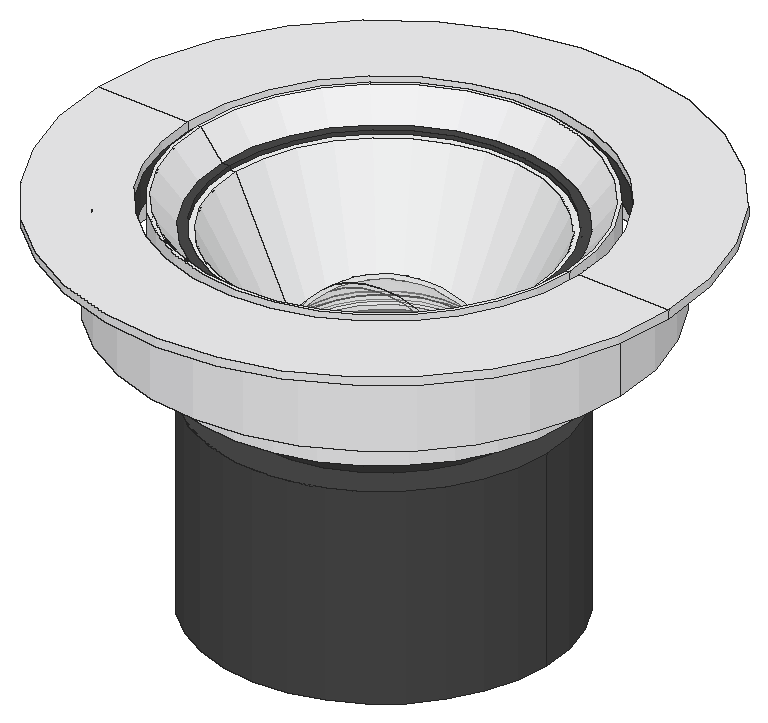
Revit family "2070035", category Lighting Fixtures, host Face, Revit 2018
Family settings
  Host = Face
  Round Connector Dimension = Use Diameter
  Part Type = Normal
  OmniClass Number = 23.80.70.11.17
  OmniClass Title = Specialized Lighting by Location or Use
  Cut with Voids When Loaded = No
  Light Source = No
  Shared = No
  Room Calculation Point = No
Parameters (values of type "2070035 EXPOSPOT 90 ADJ HE RA90 3000K NB WHITE")
  Weight = 0.77 kg  # constant formula
  Total Power Consumption = 27.9994 W
  Reflector Material = Aluminum_Sylvania_Expospot_Polished
  Radius = Diameter / 2  # 75.0 mm
  Product Code = "0060262"
  Photometric Web File = IES_Expospot_90_Adjustable : 0060267
  Photobiological Risk Group = "RG1"  # constant formula
  Nominal Frequency = "50/60Hz"  # constant formula
  Mounting Outer Radius = Head Radius + 3.0 mm  # 52.0 mm
  Max. Luminaires per 20A C Breaker = "45"  # constant formula
  Max. Luminaires per 20A B Breaker = "27"  # constant formula
  Max. Luminaires per 16A C Breaker = "35"  # constant formula
  Max. Luminaires per 16A B Breaker = "21"  # constant formula
  Max. Luminaires per 13A C Breaker = "28"  # constant formula
  Max. Luminaires per 13A B Breaker = "17"  # constant formula
  Max. Luminaires per 10A C Breaker = "21"  # constant formula
  Max. Luminaires per 10A B Breaker = "13"  # constant formula
  Light Loss Factor = 1  # constant formula
  Lamp Power Factor = 0.92
  LOR = "100%"  # constant formula
  Keynote = "n/a"
  Inrush Duration = "250µs"  # constant formula
  Inrush Current = 19.4 A  # constant formula
  Initial Intensity = 3126 lm
  Initial Color = 3000 K
  IP Rating = "IP20"  # constant formula
  IK Rating = "IK02"  # constant formula
  Height = 103.0 mm  # constant formula
  Voltage Comments = "220-240V~"  # constant formula
  Voltage = 240 V  # constant formula
  URL = "0.92"
  Product Page URL = "http://www.sylvania-lighting.com/product/en-int/products/0060262"
  Product Family = "EXPOSPOT 90 ADJUSTABLE"  # constant formula
  Head Radius = Radius - 26.0 mm  # 49.0 mm
  Head Diameter = Head Radius * 2  # 98.0 mm
  Head Angle [instance] = 0°
  Glow Wire Test = 850 °C  # constant formula
  Electrical Protection = "Class II"  # constant formula
  Drive Current = "700mA"  # constant formula
  Dimmable = "N"  # constant formula
  Diffuser Material = Acrylic_Sylvania_Expospot_3000K
  Diameter = 150.0 mm  # constant formula
  Cutout Diameter = Diameter - 10.0 mm  # 140.0 mm
  Created by URL = "http://all1studio.com/"
  Created by = "All 1 Studio Ltd. "  # constant formula
  Control Gear Type = "Electronic"  # constant formula
  Control Gear Required = "No"  # constant formula
  Control Gear Mounting = "Remote"  # constant formula
  Colour Variation Initial = "3SDCM"  # constant formula
  built-in parameter 1114216 [instance] = 1 (stored number, unit not read)
  Model = "EXPOSPOT 90 ADJUSTABLE HE RA90 3000K NB WHITE"
  Manufacturer = "Feilo Sylvania"  # constant formula
  Lamp = "LED"  # constant formula
  CRI = "80Ra"
  Body Material = Aluminum_Sylvania_Expospot_White
  Description = "Specifically designed for Retail and Display applications. I.e. Supermarkets Fashion Retail Department stores. Build around a 90mm reflector and lens combination."  # constant formula
  Default Elevation = 0.0 mm
  built-in parameter 1140040 [instance] = 1
  Beam Angle = 47°
  Average Life = "50 000h"  # constant formula
  Assembly Code = "D5020200"
  Apparent Load Comments = ""
  Apparent Load = 28 VA
  Body Secondary Material = Plastic_Sylvania_Expospot_Black
Reference planes
  plane 1 "Center (Front/Back)": y = 0
  plane 2: z = 0
  plane 3 "Center (Left/Right)": x = -7.423
  plane 4: z = 2
  plane 5: z = -22.5
  plane 6: x = -82.423
  plane 7: z = -5
Forms (mm)
  Revolve 1, solid, material "Aluminum_Sylvania_Expospot_White" <- "Body Material", detail levels fine
    sketch origin (0, 0, 0) x (1, 0, 0) y (0, 0, 1)
      loop
        line (-82.423, 2) -> (-82.423, 0) -> (-69.923, 0) -> (-69.923, -22.5) -> (-67.923, -22.5) -> (-67.923, 0) -> (-58.923, 0) -> (-58.923, 2) -> (-82.423, 2)
      axis (-7.423, 2) -> (-7.423, -22.5)
    angle from 0 to 360
  Revolve 2, solid, material "Plastic_Sylvania_Expospot_Black" <- "Body Secondary Material", detail levels fine
    sketch origin (0, 0, 0) x (1, 0, 0) y (0, 0, 1)
      loop
        line (-67.923, 0) -> (-67.923, -1.5) -> (-60.923, -1.5) -> (-60.923, -8.5) -> (-59.423, -8.5) -> (-59.423, 0) -> (-67.923, 0)
      axis (-7.423, 0) -> (-7.423, -8.5)
    angle from 0 to 360
  Extrusion 3, void
    sketch origin (0, 0, 0) x (1, 0, 0) y (0, 1, 0)
      loop
        circle (-7.423, 0) r 70
    from -116.997 to 69.443
  Extrusion 4, solid, material "Aluminum_Sylvania_Expospot_White" <- "Body Material", detail levels fine
    sketch origin (-7.423, 0, 0) x (0, 1, 0) y (0, 0, 1)
      loop
        circle (0, -5) r 3.5
    from 49 <- "Head Radius" to 52 <- "Mounting Outer Radius"
  Extrusion 5, solid, material "Aluminum_Sylvania_Expospot_White" <- "Body Material", detail levels fine
    sketch origin (-7.423, 0, 0) x (0, 1, 0) y (0, 0, -1)
      loop
        circle (0, 5) r 3.5
    from 49 <- "Head Radius" to 52 <- "Mounting Outer Radius"
  Revolve 6, solid, material "Aluminum_Sylvania_Expospot_White" <- "Body Material", detail levels coarse+medium
    sketch origin (0, 0, 0) x (1, 0, 0) y (0, 0, 1)
      loop
        line (-82.423, 2) -> (-82.423, 0) -> (-69.923, 0) -> (-69.923, -22.5) -> (-67.923, -22.5) -> (-67.923, -8.5) -> (-58.923, -8.5) -> (-58.923, 2) -> (-82.423, 2)
      axis (-7.423, 2) -> (-7.423, -22.5)
    angle from 0 to 360
Lines and regions (mm)
  Masking region 1
    outline origin (0, 0, 0) x (1, 0, 0) y (0, 1, 0)
      loop
        circle (-7.423, 0) r 75
  reference lines
    curve 1: line (-7.423, 0, -5) -> (-7.423, 0, -60)
  symbolic lines, detail levels fine
    curve 2: arc (-58.923, 0, 0) -> (-7.423, 51.5, 0) -> (44.077, 0, 0) r 51.5
    curve 3: arc (44.077, 0, 0) -> (-7.423, -51.5, 0) -> (-58.923, 0, 0) r 51.5
Dimensions and locks
  plane 4 to plane 2 to plane 7 to plane 5 = 2.0 mm locked, 5.0 mm locked, 17.5 mm locked
  "Radius": plane 6 to plane 3 "Center (Left/Right)"
  "Cutout Diameter": diameter of Extrusion 3 sketch curve
  "Head Angle": angle plane 1 "Center (Front/Back)" to curve 1
  aligned and locked: host face to plane 2
  aligned and locked: host face to level
  aligned and locked: plane 6 to Revolve 1 sketch curve
  aligned and locked: Revolve 1 sketch curve to plane 3 "Center (Left/Right)"
  aligned and locked: plane 1 "Center (Front/Back)" to curve 1
  aligned and locked: plane 7 to curve 1
  aligned and locked: plane 6 to Revolve 6 sketch curve
Automatic sketch dimensions
  host sketch curve to host sketch curve = 1412.252 mm
  host sketch curve to host sketch curve = 1359.6 mm
  Revolve 1 sketch curve to level = 0.0 mm  (x2)
  Revolve 1 sketch curve to plane 5 = 0.0 mm
  Revolve 1 sketch curve to plane 4 = 0.0 mm
  Revolve 1 sketch curve to Revolve 1 sketch curve = 12.5 mm
  Revolve 1 sketch curve to Revolve 1 sketch curve = 2.0 mm
  Revolve 1 sketch curve to Revolve 1 sketch curve = 9.0 mm
  Revolve 1 sketch curve to plane 5 = 349.774 mm
  plane 4 to Revolve 1 sketch curve = 1145.706 mm
  Revolve 2 sketch curve to level = 0.0 mm
  Revolve 2 sketch curve to plane 3 "Center (Left/Right)" = 0.0 mm
  Revolve 2 sketch curve to plane 6 = 23.0 mm
  Revolve 2 sketch curve to Revolve 2 sketch curve = 1.5 mm
  Revolve 2 sketch curve to level = 1.5 mm
  Revolve 2 sketch curve to Revolve 2 sketch curve = 7.0 mm
  Revolve 2 sketch curve to plane 7 = 3.5 mm
  Revolve 2 sketch curve to plane 5 = 349.774 mm
  plane 4 to Revolve 2 sketch curve = 1145.706 mm
  plane 1 "Center (Front/Back)" to Extrusion 3 sketch curve = 0.0 mm
  Extrusion 3 sketch curve to plane 3 "Center (Left/Right)" = 0.0 mm
  Extrusion 4 sketch curve to plane 1 "Center (Front/Back)" = 0.0 mm
  Extrusion 4 sketch curve to plane 7 = 0.0 mm
  Extrusion 5 sketch curve to plane 1 "Center (Front/Back)" = 0.0 mm
  Extrusion 5 sketch curve to plane 7 = 0.0 mm
  Revolve 6 sketch curve to level = 0.0 mm
  Revolve 6 sketch curve to plane 5 = 0.0 mm
  Revolve 6 sketch curve to plane 4 = 0.0 mm
  Revolve 6 sketch curve to plane 3 "Center (Left/Right)" = 0.0 mm
  Revolve 6 sketch curve to plane 6 = 12.5 mm
  Revolve 6 sketch curve to plane 7 = 3.5 mm
  Revolve 6 sketch curve to Revolve 6 sketch curve = 9.0 mm
  Revolve 6 sketch curve to plane 5 = 349.774 mm
  plane 4 to Revolve 6 sketch curve = 1145.706 mm
  Revolve 6 sketch curve to Revolve 6 sketch curve = 2.0 mm
  Masking region 1 sketch curve to Masking region 1 sketch curve = 0.0 mm  (x2)
  plane 1 "Center (Front/Back)" to Masking region 1 sketch curve = 0.0 mm
  Masking region 1 sketch curve to plane 6 = 0.0 mm
  Masking region 1 sketch curve to plane 3 "Center (Left/Right)" = 0.0 mm
  curve 2 to curve 3 = 0.0 mm  (x2)
  plane 1 "Center (Front/Back)" to curve 2 = 0.0 mm
  curve 3 to plane 3 "Center (Left/Right)" = 0.0 mm
  curve 3 to plane 6 = 23.5 mm
  radius of Extrusion 4 sketch curve = 3.5 mm
  radius of Extrusion 5 sketch curve = 3.5 mm
Nested families
  nested 1: "Head_Expospot 90" at (-7.423, 0, 2), type "Head_Expospot 90"
  nested 2: "IES_Expospot_90_Adjustable" at (-7.423, 0, 2), type <- "Photometric Web File", type "0060267"
Connectors
  electrical at (-7.423, 0, -101), driven by "Voltage", driven by "Apparent Load", driven by "Lamp Power Factor"
    settings: on nested 1, index 1, voltage 240 V, apparent load 0 VA, apparent load phase1 28 VA, apparent load phase2 0 VA, apparent load phase3 0 VA, power factor 0.92, load classification "Lighting", number of poles 1, system type 31, power factor state 1, is connector primary yes, connector utility no, sub classification motor no, connector description ""
Definition of nested family "Head_Expospot 90"
  Parameters (values of type "Head_Expospot 90")
    Reflector Material = none
    Radius = 49.0 mm
    Height = 103.0 mm
    Diffuser Material = none
    Default Elevation = 0.0 mm
    Cooling Radius = Radius - 6.0 mm  # 43.0 mm
    Body Secondary Material = none
    Body Material = none
  Reference planes
    plane 1 "Center (Front/Back)": y = 0
    plane 2: z = 0
    plane 3 "Center (Left/Right)": x = 0
    plane 4: z = -35.5
    plane 5: z = -6.5
    plane 6 "Fixture Radius": x = -49
    plane 7: z = -45
    plane 8: z = -95
    plane 9: z = -103
    plane 10 "Diffuser Radius": x = -24.5
    plane 11: z = -36.5
  Forms (mm)
    Revolve 1, solid, material <- "Body Material", detail levels fine
      sketch origin (0, 0, 0) x (1, 0, 0) y (0, 0, 1)
        loop
          line (-49, 0) -> (-49, -35.5) -> (-47, -35.5) -> (-47, -4.542) -> (-45.357, -6.5) -> (-42.746, -6.5) -> (-48.2, 0) -> (-49, 0)
        axis (0, 0) -> (0, -35.5)
      angle from 0 to 360
    Revolve 2, solid, material <- "Reflector Material", detail levels fine
      sketch origin (0, 0, 0) x (1, 0, 0) y (0, 0, 1)
        loop
          line (-41, -7.5) -> (-41, -8.5) -> (-39.623, -8.5) -> (-25.123, -37.5) -> (-20.5, -37.5) -> (-20.5, -36.5) -> (-24.5, -36.5) -> (-39, -7.5) -> (-41, -7.5)
        axis (0, -7.5) -> (0, -37.5)
      angle from 0 to 360
    Revolve 3, solid, material <- "Body Secondary Material", detail levels fine
      sketch origin (0, 0, 0) x (1, 0, 0) y (0, 0, 1)
        loop
          line (-47, -6.5) -> (-47, -35.5) -> (-42.5, -35.5) -> (-35.078, -45) -> (0, -45) -> (0, -37.5) -> (-24.5, -37.5) -> (-24.5, -44) -> (-34.59, -44) -> (-42.012, -34.5) -> (-46, -34.5) -> (-46, -7.5) -> (-40.5, -7.5) -> (-40.5, -6.5) -> (-47, -6.5)
        axis (0, -6.5) -> (0, -45)
      angle from 0 to 360
    Revolve 4, solid, material <- "Body Secondary Material", detail levels fine
      sketch origin (0, 0, 0) x (1, 0, 0) y (0, 0, 1)
        loop
          line (-30, -95) -> (-30, -97) -> (-28, -103) -> (0, -103) -> (0, -95) -> (-30, -95)
        axis (0, -95) -> (0, -103)
      angle from 0 to 360
    Extrusion 5, solid, material <- "Body Secondary Material", detail levels fine
      sketch origin (0, 0, 0) x (1, 0, 0) y (0, 1, 0)
        loop
          circle (0, 0) r 43
      from -95 to -45
    Extrusion 6, solid, material <- "Body Material", detail levels coarse+medium
      sketch origin (0, 0, 0) x (1, 0, 0) y (0, 1, 0)
        loop
          circle (0, 0) r 49
      from -103 to 0
    Revolve 7, solid, material <- "Diffuser Material", detail levels fine
      sketch origin (0, 0, 0) x (1, 0, 0) y (0, 0, 1)
        loop
          line (-22.5, -34.5) -> (-22.5, -36.5) -> (-21.5, -36.5) -> (-21.5, -34.77)
          arc (-21.5, -34.77) -> (-12.378, -25.783) -> (0, -22.5) r 24.971
          line (0, -22.5) -> (0, -21.5)
          arc (0, -21.5) -> (-12.993, -24.984) -> (-22.5, -34.5) r 25.971
        axis (0, -21.5) -> (0, -36.5)
      angle from 0 to 360
  Dimensions and locks
    "Radius": plane 3 "Center (Left/Right)" to plane 6 "Fixture Radius"
    locked: Revolve 4 sketch curve to plane 6 "Fixture Radius" at 19
    locked: plane 10 "Diffuser Radius" to plane 6 "Fixture Radius" at 24.5
    Revolve 7 sketch curve to Revolve 7 sketch curve to plane 11 = 1.0 mm locked, 14.0 mm locked
    plane 10 "Diffuser Radius" to Revolve 7 sketch curve to Revolve 7 sketch curve = 2.0 mm locked, 1.0 mm locked
    "Height": plane 2 to plane 9
    locked: plane 8 to plane 9 at 8
    plane 2 to plane 5 to plane 4 to plane 11 to plane 7 = 6.5 mm locked, 29.0 mm locked, 1.0 mm locked, 8.5 mm locked
    "Radius": radius of Extrusion 6 sketch curve
    "Cooling Radius": radius of Extrusion 5 sketch curve
    aligned and locked: level to plane 2
    aligned and locked: Revolve 1 sketch curve to plane 6 "Fixture Radius"
    aligned and locked: Extrusion 5 to plane 8
    aligned and locked: plane 7 to Extrusion 5
    aligned and locked: Extrusion 6 to plane 9
    aligned and locked: plane 2 to Extrusion 6
    aligned and locked: Revolve 1 sketch curve to plane 4
  Automatic sketch dimensions
    Revolve 4 sketch curve to plane 8 = 0.0 mm
    Revolve 4 sketch curve to plane 9 = 0.0 mm
    Revolve 4 sketch curve to plane 3 "Center (Left/Right)" = 0.0 mm  (x2)
    Revolve 4 sketch curve to plane 8 = 2.0 mm
    Revolve 4 sketch curve to Revolve 4 sketch curve = 2.0 mm
    Revolve 4 sketch curve to plane 9 = 265.545 mm
    level to Revolve 4 sketch curve = 2214.315 mm
    Revolve 1 sketch curve to level = 0.0 mm
    Revolve 1 sketch curve to plane 3 "Center (Left/Right)" = 0.0 mm
    Revolve 1 sketch curve to Revolve 1 sketch curve = 0.8 mm
    Revolve 1 sketch curve to Revolve 1 sketch curve = 2.0 mm
    plane 5 to Revolve 1 sketch curve = 1.958 mm
    Revolve 1 sketch curve to plane 5 = 0.0 mm
    Revolve 1 sketch curve to Revolve 1 sketch curve = 1.643 mm
    Revolve 1 sketch curve to Revolve 1 sketch curve = 2.611 mm
    Revolve 1 sketch curve to plane 9 = 288.545 mm
    level to Revolve 1 sketch curve = 2214.315 mm
    plane 10 "Diffuser Radius" to Revolve 2 sketch curve = 0.0 mm
    Revolve 2 sketch curve to plane 3 "Center (Left/Right)" = 0.0 mm
    Revolve 2 sketch curve to plane 11 = 0.0 mm
    Revolve 2 sketch curve to plane 5 = 1.0 mm
    plane 6 "Fixture Radius" to Revolve 2 sketch curve = 10.0 mm
    Revolve 2 sketch curve to Revolve 2 sketch curve = 2.0 mm
    Revolve 2 sketch curve to plane 10 "Diffuser Radius" = 4.0 mm
    Revolve 2 sketch curve to Revolve 2 sketch curve = 383.045 mm
    Revolve 2 sketch curve to Revolve 2 sketch curve = 2221.815 mm
    plane 10 "Diffuser Radius" to Revolve 2 sketch curve = 0.623 mm
    Revolve 2 sketch curve to Revolve 2 sketch curve = 0.623 mm
    Revolve 2 sketch curve to Revolve 2 sketch curve = 1.0 mm
    Revolve 2 sketch curve to plane 11 = 1.0 mm
    Revolve 3 sketch curve to plane 5 = 0.0 mm
    Revolve 3 sketch curve to plane 4 = 0.0 mm
    Revolve 3 sketch curve to plane 7 = 0.0 mm
    plane 10 "Diffuser Radius" to Revolve 3 sketch curve = 0.0 mm
    Revolve 3 sketch curve to plane 3 "Center (Left/Right)" = 0.0 mm  (x2)
    plane 7 to Revolve 3 sketch curve = 1.0 mm
    plane 10 "Diffuser Radius" to Revolve 3 sketch curve = 10.09 mm
    Revolve 3 sketch curve to Revolve 3 sketch curve = 0.488 mm  (x2)
    Revolve 3 sketch curve to plane 5 = 1.0 mm
    plane 6 "Fixture Radius" to Revolve 3 sketch curve = 8.5 mm
    plane 4 to Revolve 3 sketch curve = 1.0 mm
    plane 6 "Fixture Radius" to Revolve 3 sketch curve = 6.988 mm
    plane 6 "Fixture Radius" to Revolve 3 sketch curve = 3.0 mm
    Revolve 3 sketch curve to Revolve 3 sketch curve = 1.0 mm
    Revolve 3 sketch curve to plane 9 = 265.545 mm
    level to Revolve 3 sketch curve = 2214.315 mm
    Revolve 3 sketch curve to plane 11 = 1.0 mm
    Revolve 7 sketch curve to Revolve 7 sketch curve = 0.0 mm
    Revolve 7 sketch curve to plane 11 = 0.0 mm
    Revolve 7 sketch curve to plane 3 "Center (Left/Right)" = 0.0 mm  (x2)
    plane 4 to Revolve 7 sketch curve = 0.73 mm
    Revolve 7 sketch curve to plane 9 = 278.0 mm
    level to Revolve 7 sketch curve = 156.383 mm
    plane 1 "Center (Front/Back)" to Extrusion 5 sketch curve = 0.0 mm
    Extrusion 5 sketch curve to plane 3 "Center (Left/Right)" = 0.0 mm
    plane 1 "Center (Front/Back)" to Extrusion 6 sketch curve = 0.0 mm
    Extrusion 6 sketch curve to plane 3 "Center (Left/Right)" = 0.0 mm
Definition of nested family "IES_Expospot_90_Adjustable"
  Parameters (values of type "0060286")
    Wattage = 34.9993 W
    built-in parameter 1150110 = 1 (stored number, unit not read)
    Total Power Consumption = 34.9993 W
    built-in parameter 1114217 = 1 (stored number, unit not read)
    Tilt Angle = -90°
    built-in parameter 1150109 = 1 (stored number, unit not read)
    built-in parameter 1150134 = (empty or 0)
    built-in parameter 1150113 = 1 (stored number, unit not read)
    Photometric Web File = "0060286.ies"
    built-in parameter 1150105 = 296.11 (stored number, unit not read)
    Lumens = 3721 lm
    built-in parameter 1150115 = 1 (stored number, unit not read)
    built-in parameter 1150137 = (empty or 0)
    built-in parameter 1150139 = (empty or 0)
    built-in parameter 1150112 = 1 (stored number, unit not read)
    built-in parameter 1150114 = 1 (stored number, unit not read)
    built-in parameter 1150132 = 2
    built-in parameter 1150102 = 3721
    built-in parameter 1150107 = 3000 (stored number, unit not read)
    built-in parameter 1150138 = 3000
    built-in parameter 1150106 = 2.9611 (stored number, unit not read)
    Emit from Circle Diameter = 98.0 mm
    Emit Shape Visible in Rendering = no
    built-in parameter 1150104 = 9.8771 (stored number, unit not read)
    Dimming Lamp Color Temperature Shift = (empty or 0)
    Default Elevation = 0.0 mm
    Color Filter = 16777215
    built-in parameter 1114218 = 1 (stored number, unit not read)
    built-in parameter 1150133 = 10 (stored number, unit not read)
    Apparent Load = 34.9993 VA
  Types (24, lengths in mm): name | Wattage | Total Power Consumption | built-in parameter 1150134 | Photometric Web File | built-in parameter 1150105 | Lumens | built-in parameter 1150102 | built-in parameter 1150107 | built-in parameter 1150138 | built-in parameter 1150106 | built-in parameter 1150104 | Apparent Load
    0060296 | 34.9993 W | 34.9993 W | 12 | "0060296.ies" | 276.85 (stored number, unit not read) | 3479 lm | 3479 | 4000 (stored number, unit not read) | 4000 | 2.7685 (stored number, unit not read) | 9.2348 (stored number, unit not read) | 34.9993 VA
    0060295 | 34.9993 W | 34.9993 W | 12 | "0060295.ies" | 275.18 (stored number, unit not read) | 3458 lm | 3458 | 4000 (stored number, unit not read) | 4000 | 2.7518 (stored number, unit not read) | 9.179 (stored number, unit not read) | 34.9993 VA
    0060294 | 34.9993 W | 34.9993 W | 12 | "0060294.ies" | 284.09 (stored number, unit not read) | 3570 lm | 3570 | 4000 (stored number, unit not read) | 4000 | 2.8409 (stored number, unit not read) | 9.4763 (stored number, unit not read) | 34.9993 VA
    0060293 | 34.9993 W | 34.9993 W | (empty or 0) | "0060293.ies" | 262.05 (stored number, unit not read) | 3293 lm | 3293 | 3000 (stored number, unit not read) | 3000 | 2.6205 (stored number, unit not read) | 8.741 (stored number, unit not read) | 34.9993 VA
    0060292 | 34.9993 W | 34.9993 W | (empty or 0) | "0060292.ies" | 253.06 (stored number, unit not read) | 3180 lm | 3180 | 3000 (stored number, unit not read) | 3000 | 2.5306 (stored number, unit not read) | 8.4411 (stored number, unit not read) | 34.9993 VA
    0060291 | 34.9993 W | 34.9993 W | (empty or 0) | "0060291.ies" | 268.1 (stored number, unit not read) | 3369 lm | 3369 | 3000 (stored number, unit not read) | 3000 | 2.681 (stored number, unit not read) | 8.9428 (stored number, unit not read) | 34.9993 VA
    0060290 | 34.9993 W | 34.9993 W | 12 | "0060290.ies" | 313.69 (stored number, unit not read) | 3942 lm | 3942 | 4000 (stored number, unit not read) | 4000 | 3.1369 (stored number, unit not read) | 10.464 (stored number, unit not read) | 34.9993 VA
    0060289 | 34.9993 W | 34.9993 W | 12 | "0060289.ies" | 306.53 (stored number, unit not read) | 3852 lm | 3852 | 4000 (stored number, unit not read) | 4000 | 3.0653 (stored number, unit not read) | 10.225 (stored number, unit not read) | 34.9993 VA
    0060288 | 34.9993 W | 34.9993 W | 12 | "0060288.ies" | 327.94 (stored number, unit not read) | 4121 lm | 4121 | 4000 (stored number, unit not read) | 4000 | 3.2794 (stored number, unit not read) | 10.939 (stored number, unit not read) | 34.9993 VA
    0060287 | 34.9993 W | 34.9993 W | (empty or 0) | "0060287.ies" | 297.3 (stored number, unit not read) | 3736 lm | 3736 | 3000 (stored number, unit not read) | 3000 | 2.973 (stored number, unit not read) | 9.9169 (stored number, unit not read) | 34.9993 VA
    0060286 | 34.9993 W | 34.9993 W | (empty or 0) | "0060286.ies" | 296.11 (stored number, unit not read) | 3721 lm | 3721 | 3000 (stored number, unit not read) | 3000 | 2.9611 (stored number, unit not read) | 9.8771 (stored number, unit not read) | 34.9993 VA
    0060272 | 27.9994 W | 27.9994 W | 12 | "0060272.ies" | 227.19 (stored number, unit not read) | 2855 lm | 2855 | 4000 (stored number, unit not read) | 4000 | 2.2719 (stored number, unit not read) | 9.473 (stored number, unit not read) | 27.9994 VA
    0060271 | 27.9994 W | 27.9994 W | 12 | "0060271.ies" | 225.68 (stored number, unit not read) | 2836 lm | 2836 | 4000 (stored number, unit not read) | 4000 | 2.2568 (stored number, unit not read) | 9.4099 (stored number, unit not read) | 27.9994 VA
    0060270 | 27.9994 W | 27.9994 W | 12 | "0060270.ies" | 221.94 (stored number, unit not read) | 2789 lm | 2789 | 4000 (stored number, unit not read) | 4000 | 2.2194 (stored number, unit not read) | 9.254 (stored number, unit not read) | 27.9994 VA
    0060269 | 27.9994 W | 27.9994 W | (empty or 0) | "0060269.ies" | 206.03 (stored number, unit not read) | 2589 lm | 2589 | 3000 (stored number, unit not read) | 3000 | 2.0603 (stored number, unit not read) | 8.5904 (stored number, unit not read) | 27.9994 VA
    0060268 | 27.9994 W | 27.9994 W | (empty or 0) | "0060268.ies" | 204.75 (stored number, unit not read) | 2573 lm | 2573 | 3000 (stored number, unit not read) | 3000 | 2.0475 (stored number, unit not read) | 8.5373 (stored number, unit not read) | 27.9994 VA
    0060267 | 27.9994 W | 27.9994 W | (empty or 0) | "0060267.ies" | 201.81 (stored number, unit not read) | 2536 lm | 2536 | 3000 (stored number, unit not read) | 3000 | 2.0181 (stored number, unit not read) | 8.4145 (stored number, unit not read) | 27.9994 VA
    0060266 | 27.9994 W | 27.9994 W | 12 | "0060266.ies" | 256.96 (stored number, unit not read) | 3229 lm | 3229 | 4000 (stored number, unit not read) | 4000 | 2.5696 (stored number, unit not read) | 10.714 (stored number, unit not read) | 27.9994 VA
    0060265 | 27.9994 W | 27.9994 W | 12 | "0060265.ies" | 257.19 (stored number, unit not read) | 3232 lm | 3232 | 4000 (stored number, unit not read) | 4000 | 2.5719 (stored number, unit not read) | 10.724 (stored number, unit not read) | 27.9994 VA
    0060264 | 27.9994 W | 27.9994 W | 12 | "0060264.ies" | 250.27 (stored number, unit not read) | 3145 lm | 3145 | 4000 (stored number, unit not read) | 4000 | 2.5027 (stored number, unit not read) | 10.435 (stored number, unit not read) | 27.9994 VA
    0060263 | 27.9994 W | 27.9994 W | (empty or 0) | "0060263.ies" | 252.58 (stored number, unit not read) | 3174 lm | 3174 | 3000 (stored number, unit not read) | 3000 | 2.5258 (stored number, unit not read) | 10.531 (stored number, unit not read) | 27.9994 VA
    0060262 | 27.9994 W | 27.9994 W | (empty or 0) | "0060262.ies" | 248.76 (stored number, unit not read) | 3126 lm | 3126 | 3000 (stored number, unit not read) | 3000 | 2.4876 (stored number, unit not read) | 10.372 (stored number, unit not read) | 27.9994 VA
    0060261 | 27.9993 W | 28 W | (empty or 0) | "0060261.ies" | 3140.4 (stored number, unit not read) | 3174 lm | 3479 | 3000 (stored number, unit not read) | 4000 | 31.404 (stored number, unit not read) | 10.531 (stored number, unit not read) | 28 VA
    0060285 | 35.0009 W | 34.9993 W | (empty or 0) | "0060285.ies" | 4452.3 (stored number, unit not read) | 3946 lm | 3721 | 3000 (stored number, unit not read) | 3000 | 44.523 (stored number, unit not read) | 10.474 (stored number, unit not read) | 34.9993 VA
  Reference planes
    plane 1 "Center (Front/Back)": y = 0
    plane 2: z = 0
    plane 3 "Center (Left/Right)": x = 0
  Dimensions and locks
    aligned and locked: level to plane 2
    aligned and locked: plane 3 "Center (Left/Right)" to imposter light
    aligned and locked: plane 1 "Center (Front/Back)" to imposter light
    aligned and locked: level to imposter light
